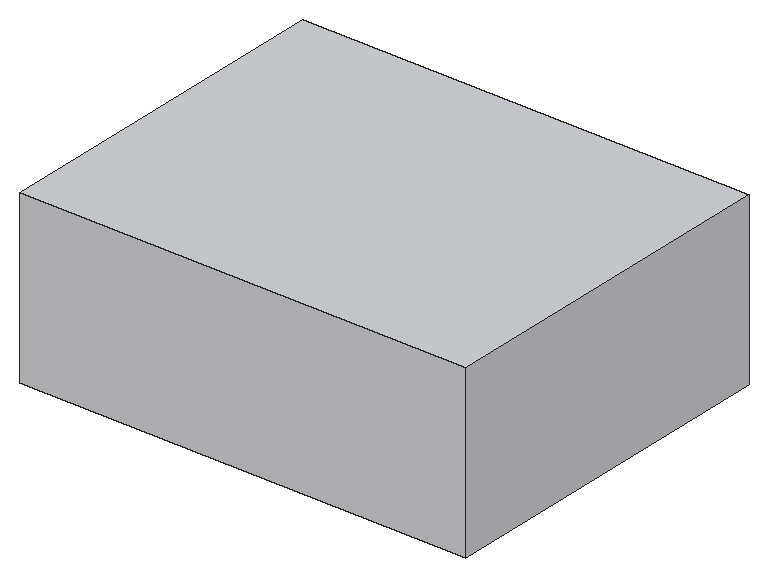
Revit family "AHU_Block_Universal", category Оборудование, Revit 2023
Family settings
  Размер круглого соединителя = Использовать диаметр
  Классификация = Нет
  Тип детали = Нормальный
  На основе рабочей плоскости = Нет
  Всегда вертикально = Да
  При загрузке вырезать с полостями = Нет
  Сохранять ориентацию аннотаций = Нет
  Общий = Да
  Точка принадлежности помещению = Нет
Parameters
  УГО [instance] = icon_Filter_wrapper : icon_Filter_wrapper
  Отметка по умолчанию = 0 mm
  Блоки отдельно в спецификации [instance] = yes
  ADSK_Размер_Ширина [instance] = 520.248 mm
  ADSK_Размер_Длина [instance] = 656.688 mm
  ADSK_Размер_Высота [instance] = 250 mm
  ADSK_Наименование = ""
  ADSK_Марка = ""
  ADSK_Количество [instance] = if(Блоки отдельно в спецификации, 1, 0)  # 1
  ADSK_Код изделия [instance] = ""
  ADSK_Завод-изготовитель [instance] = ""
  ADSK_Единица измерения = "шт."
Reference planes
  plane 1 "По центру (Вперед/Назад)": y = 0
  plane 2: z = 0
  plane 3 "По центру (Влево/Вправо)": x = 0
  plane 4: z = 250
  plane 5: z = 125
Forms (mm)
  Extrusion 1, solid
    sketch origin (17.984, -260.124, 0) x (1, 0, 0) y (0, 1, 0)
      loop
        line (-346.328, 520.248) -> (-346.328, 0) -> (310.36, 0) -> (310.36, 520.248) -> (-346.328, 520.248)
    from 0 to 250
Dimensions and locks
  Extrusion 1 sketch curve to plane 3 "По центру (Влево/Вправо)" to Extrusion 1 sketch curve = 328.344 mm, 328.344 mm
  "ADSK_Размер_Длина": Extrusion 1 to Extrusion 1
  "ADSK_Размер_Ширина": Extrusion 1 to Extrusion 1
  equal spacing: Extrusion 1, plane 1 "По центру (Вперед/Назад)", Extrusion 1
  equal spacing: Extrusion 1, plane 3 "По центру (Влево/Вправо)", Extrusion 1
  "ADSK_Размер_Высота": Extrusion 1 to level
  equal spacing: plane 4, plane 5, level
  "ADSK_Размер_Высота": plane 4 to level
  aligned and locked: level to plane 2
  aligned and locked: nested 1 to Extrusion 1
  aligned and locked: plane 3 "По центру (Влево/Вправо)" to nested 1
Automatic sketch dimensions
  plane 1 "По центру (Вперед/Назад)" to Extrusion 1 sketch curve = 260.124 mm
  Extrusion 1 sketch curve to plane 1 "По центру (Вперед/Назад)" = 260.124 mm
Nested families
  nested 1: "icon_Filter_wrapper" at (0, -250.124, 120.266), type <- "УГО", type "icon_Filter_wrapper", not visible
Definition of nested family "icon_Filter_wrapper"
  Parameters (values of type "icon_Filter_wrapper")
    Default Elevation = 0 mm
    Height = 259 mm
  Reference planes
    plane 1 "По центру (Вперед/Назад)": y = 0
    plane 2: z = 0
    plane 3 "По центру (Влево/Вправо)": x = 0
  Dimensions and locks
    aligned and locked: level to plane 2
  Nested families
    nested 1: "icon_Filter" at (0, 0, 0), type "icon_Filter"
  Definition of nested family "icon_Filter"
    Parameters (values of type "icon_Filter")
      Default Elevation = 0 mm
      Height = 259 mm
    Reference planes
      plane 1 "По центру (Вперед/Назад)": y = 0
      plane 2: z = 0
      plane 3 "По центру (Влево/Вправо)": x = 0
    Forms (mm)
      Extrusion 1, solid
        sketch origin (212.761, 324.385, -205.757) x (1, 0, 0) y (0, 0, 1)
          loop
            line (-263.945, 328.462) -> (-168.945, 303.007) -> (-168.945, 281.232) -> (-263.945, 255.777) -> (-263.945, 245.424) -> (-154.924, 274.636) -> (-154.924, 309.602) -> (-263.945, 338.814) -> (-263.945, 328.462)
        from 314.385 to 334.385
      Extrusion 2, solid
        sketch origin (212.761, 324.385, -288.637) x (1, 0, 0) y (0, 0, 1)
          loop
            line (-263.945, 328.462) -> (-168.945, 303.007) -> (-168.945, 281.232) -> (-263.945, 255.777) -> (-263.945, 245.424) -> (-154.924, 274.636) -> (-154.924, 309.602) -> (-263.945, 338.814) -> (-263.945, 328.462)
        from 314.385 to 334.385
      Extrusion 3, solid
        sketch origin (212.761, 324.385, -371.517) x (1, 0, 0) y (0, 0, 1)
          loop
            line (-263.945, 328.462) -> (-168.945, 303.007) -> (-168.945, 281.232) -> (-263.945, 255.777) -> (-263.945, 245.424) -> (-154.924, 274.636) -> (-154.924, 309.602) -> (-263.945, 338.814) -> (-263.945, 328.462)
        from 314.385 to 334.385
    Dimensions and locks
      Extrusion 1 sketch curve to Extrusion 1 sketch curve = 10 mm
      Extrusion 1 sketch curve to Extrusion 1 sketch curve = 14.021 mm  (x2)
      Extrusion 2 sketch curve to Extrusion 2 sketch curve = 10 mm
      Extrusion 2 sketch curve to Extrusion 2 sketch curve = 14.021 mm  (x2)
      Extrusion 3 sketch curve to Extrusion 3 sketch curve = 10 mm
      Extrusion 3 sketch curve to Extrusion 3 sketch curve = 14.021 mm  (x2)
      aligned and locked: level to plane 2
